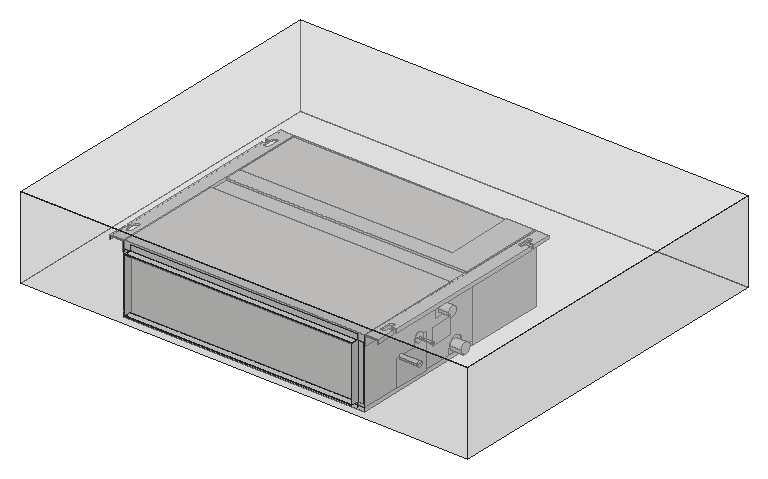
Revit family "outputfile", category 機械設備, Revit 2024
Family settings
  丸型コネクタ寸法 = 半径を使用
  パーツ タイプ = 標準
  OmniClass 番号 = 23.75.10.24.21.27.27
  OmniClass タイトル = Split System Air Conditioning Units
  作業面ベース = いいえ
  常に垂直 = はい
  ロード時にボイドで切り取り = いいえ
  注釈の向きを維持 = いいえ
  共有 = いいえ
  部屋計算ポイント = はい
Parameters (values of type "FXDQ20PDV2S")
  Description = ""
  製造元 = "Daikin"
  書き出し IFC クラス(タイプ) = "IfcUnitaryEquipmentType"
  定義済み IFC タイプ(タイプ) = "AIRCONDITIONINGUNIT"
  Cost = 0
  モデル = "FXDQ20PDV2S"
  Type Comments = ""
  Keynote = ""
  Type Image = (empty or 0)
  Assembly Code = ""
  w_pipe = 33.0 mm
  r_Liquid Pipe Size = Liquid Pipe Size / 2  # 3.2 mm
  r_Gas Pipe Size = Gas Pipe Size / 2  # 6.35 mm
  r_Drain Pipe Size = Drain Pipe Size / 2  # 10.0 mm
  lw_powersupply = 304.0 mm
  lh_suctionflange [instance] = if(Rear Connection_Return Air, 100.0 mm + [h***], 190.0 mm + [h***])  # 100.0 mm
  ld_suctionflange [instance] = if(Rear Connection_Return Air, 190.0 mm, 100.0 mm)  # 190.0 mm
  ld_powersupply = 60.0 mm
  angle_vertical_RA [instance] = if(Rear Connection_Return Air, 90.00°, 0.00°)  # 90.00°
  angle horizontal_RA [instance] = if(Rear Connection_Return Air, 180.00°, 270.00°)  # 180.00°
  Voltage_comment_50Hz = "220-240"
  Voltage_50Hz = 220 V
  URL = ""
  Supply Air Direction [instance] = yes
  Sound Power Level_H speed (dB) = 54
  Rear Connection_Return Air [instance] = not(Bottom Connection_Return Air)  # yes
  RA_length = 190.0 mm  # constant formula
  Phase_50Hz = 1
  Minimum External Static Pressure = 10.00 Pa
  Minimum Circuit Amps_50Hz = 0.8 A
  Maximum Fuse Amps_50Hz = 16.0 A
  Maximum External Static Pressure = 30.00 Pa
  Material_Casing = DAIKIN_GalvanizedSteel_Casing_indoorunit
  lw_liquidpipe = 46.0 mm  # constant formula
  lw_gaspipe = 57.0 mm  # constant formula
  lw_mountinghole_pitch = 740.0 mm  # constant formula
  lw_mountinghole = 20.0 mm  # constant formula
  lw_drainpipe = 33.0 mm  # constant formula
  lh_powersupply = 10.0 mm
  lh_liquidpipe = 110.0 mm
  lh_gaspipe = 87.0 mm
  lh_mountinghole = Height + [h***]  # 200.0 mm
  lh_drainpipe = 150.0 mm
  lh_dischargeflange = 99.0 mm
  lh_antena = 1.0 mm  # constant formula
  ld_liquidpipe = 193.0 mm  # constant formula
  ld_gaspipe = 130.0 mm  # constant formula
  ld_mountinghole_pitch = 500.0 mm  # constant formula
  ld_drainpipe = 280.0 mm
  ld_controlbox = 626.0 mm  # constant formula
  h*** = 0.0 mm  # constant formula
  d_dischargeflange = 21.2 mm  # constant formula
  Width = 700.0 mm
  Version = "ver.1.0"
  Unit Type = "Slim Duct (Standard) Type"
  Unit Mass Weight = 23.00 kg
  Unit Designation [instance] = ""
  Uniclass2015Version = "Products v1.30"
  Uniclass2015Title = "Variable refrigerant flow units"
  Uniclass2015Code = "Pr_70_65_03_94"
  Total Heating Capacity [instance] = 0.000 kW
  Total Cooling Capacity [instance] = 0.000 kW
  Sound Pressure Level_M speed (dBA) = 0
  Sound Pressure Level_L speed (dBA) = 23
  Sound Pressure Level_H speed (dBA) = 28
  Series = "VRV Fan Coil Unit"
  Sensible Cooling Capacity [instance] = 0.000 kW
  SA Duct Size Width = 660.0 mm
  SA Duct Size Height = 160.0 mm
  Refrigerant Type = "R410A"
  RA Duct Size Width = 600.0 mm
  RA Duct Size Height = 180.0 mm
  Power Input (Heating) = 0.067 kW
  Power Input (Cooling) = 0.086 kW
  Option Accessory 3 [instance] = ""
  Option Accessory 2 [instance] = ""
  Option Accessory 1 [instance] = ""
  Nominal Heating Capacity = 2.500 kW
  Nominal Cooling Capacity = 2.200 kW
  Minimum Airflow = 384.00 m³/h
  Median Airflow = 432.00 m³/h
  Maximum Airflow = 480.00 m³/h
  Load Classification = HVAC
  Liquid Pipe Size = 6.4 mm
  Link_Nested Family [instance] = ""
  IfcVersion = "0"
  IfcExportType = "AIRCONDITIONINGUNIT"
  IfcExportAs = "IfcUnitaryEquipmentType"
  Height = 200.0 mm
  Heating Entering Wet Bulb Temperature [instance] = 0.00 °C
  Heating Entering Dry Bulb Temperature [instance] = 0.00 °C
  Heating Ambient Wet Bulb Temperature [instance] = 0.00 °C
  Heating Ambient Dry Bulb Temperature [instance] = 0.00 °C
  Heat Exchanger Type = "Cross Fin Coil"
  Gas Pipe Size = 12.7 mm
  Frequency_50Hz = 50 Hz
  Fan Type = "Sirocco Fan"
  Fan Drive = "Direct Drive"
  FCU Tag No. [instance] = ""
  Drain Pipe Size = 20.0 mm
  Design Supply Airflow [instance] = 0.00 m³/h
  Design Return Airflow [instance] = 0.00 m³/h
  Design External Static Pressure [instance] = 0.00 Pa
  Depth = 620.0 mm
  既定の高さ = 0.0 mm
  Cooling Entering Wet Bulb Temperature [instance] = 0.00 °C
  Cooling Entering Dry Bulb Temperature [instance] = 0.00 °C
  Cooling Ambient Wet Bulb Temperature [instance] = 0.00 °C
  Cooling Ambient Dry Bulb Temperature [instance] = 0.00 °C
  Clearance visibility [instance] = yes
  Clearance Top = 20.0 mm
  Clearance Right = 300.0 mm
  Clearance Rear = 400.0 mm
  Clearance Left = 300.0 mm
  Clearance Front = 0.0 mm
  Clearance Bottom = 20.0 mm
  Bottom Connection_Return Air [instance] = no
Reference planes
  plane 1 "Center (Front/Back)": y = 0
  plane 2: z = 0
  plane 3 "Center (Left/Right)": x = 0
  plane 4 "Back": y = 310
  plane 5 "Front": y = -310
  plane 6 "Left": x = -350
  plane 7 "Right": x = 350
  plane 8 "Top": z = 0
  plane 9 "Bottom": z = -200
  plane 10: x = 330
  plane 11: x = -330
  plane 12: z = -190
  plane 13: z = -6
  plane 14: z = -22
  plane 15: z = -90
  plane 16: z = -113
  plane 17: x = -304
  plane 18: x = 304
  plane 19: x = -370
  plane 20: x = 370
  plane 21: y = -250
  plane 22: y = 250
  plane 23: x = -390
  plane 24: x = 390
  plane 25: x = 396
  plane 26: x = 407
  plane 27: x = 383
  plane 28: z = 0
  plane 29: z = -50
  plane 30 "Clearance Left": x = -650
  plane 31 "Clearance Right": x = 650
  plane 32 "Clearance Rear": y = 710
  plane 33 "Clearance Front": y = -310
  plane 34 "Clearance Top": z = 20
  plane 35 "Clearance Bottom": z = -220
  plane 36: z = -21
  plane 37: z = -170
  plane 38: z = -96.5
  plane 39: x = -40
  plane 40: y = -180
  plane 41: y = -117
  plane 42: y = -30
  plane 43: y = 20
  plane 44: z = -97.5
  plane 45: y = -309
  plane 46: x = -349
  plane 47: z = -100
  plane 48: z = -30
  plane 49: y = 210
  plane 50: z = 301
  plane 51: z = -199
  plane 52: y = 120
  plane 53: z = -101
Forms (mm)
  Extrusion 1, solid
    sketch origin (0, 0, 0) x (1, 0, 0) y (0, 0, 1)
      loop
        line (-350, -190) -> (-350, -200) -> (350, -200) -> (350, -190) -> (-350, -190)
    from -84 to 310
  Extrusion 2, solid, material "DAIKIN_GalvanizedSteel_Casing_indoorunit" <- "Material_Casing"
    sketch origin (0, 0, 0) x (1, 0, 0) y (0, 1, 0)
      loop
        line (-350, -309) -> (350, -309) -> (350, 310) -> (-350, 310) -> (-350, -309)
    from -200 to 0
  Extrusion 3, void
    sketch origin (0, 0, 1) x (1, 0, 0) y (0, 1, 0)
      loop
        line (-350, 62.179) -> (-350, 4.179) -> (350, 4.179) -> (350, 62.179) -> (-350, 62.179)
    from -1 to -7
  Extrusion 4, void
    sketch origin (0, 0, 0) x (0, 1, 0) y (0, 0, 1)
      loop
        line (-5, -190) -> (45, -190) -> (45, -170)
        arc (45, -170) -> (20, -145) -> (-5, -170) r 25
        line (-5, -170) -> (-5, -190)
    from 350 to 345
  Revolve 5, solid, material "DAIKIN_GalvanizedSteel_Casing_indoorunit" <- "Material_Casing"
    sketch origin (0, 0, -113) x (0, -1, 0) y (1, 0, 0)
      loop
        line (173.65, 351) -> (180, 351) -> (180, 407) -> (173.65, 407) -> (173.65, 351)
      axis (180, 351) -> (180, 407)
    angle from 0 to 360
  Revolve 6, solid, material "DAIKIN_GalvanizedSteel_Casing_indoorunit" <- "Material_Casing"
    sketch origin (0, 0, -90) x (0, -1, 0) y (1, 0, 0)
      loop
        line (117, 351) -> (117, 396) -> (113.8, 396) -> (113.8, 351) -> (117, 351)
      axis (117, 396) -> (117, 351)
    angle from 0 to 360
  Extrusion 7, solid, material "DAIKIN_GalvanizedSteel_Casing_indoorunit" <- "Material_Casing"
    sketch origin (0, 0, 0) x (0, 1, 0) y (0, 0, 1)
      loop
        circle (-116, -90) r 12.7
    from 350 to 355.007
  Extrusion 8, solid, material "DAIKIN_GalvanizedSteel_Casing_indoorunit" <- "Material_Casing"
    sketch origin (0, 0, 0) x (0, 1, 0) y (0, 0, 1)
      loop
        circle (20, -170) r 15
    from 345 to 380
  Extrusion 9, solid, material "DAIKIN_GalvanizedSteel_Casing_indoorunit" <- "Material_Casing"
    sketch origin (0, 0, 0) x (0, 1, 0) y (0, 0, 1)
      loop
        line (-52, -30) -> (-52, -70) -> (-11, -70) -> (-11, -30) -> (-52, -30)
    from 350 to 351
  Extrusion 10, solid, material "DAIKIN_GalvanizedSteel_Casing_indoorunit" <- "Material_Casing"
    sketch origin (0, 0, 0) x (0, 1, 0) y (0, 0, 1)
      loop
        circle (-30, -50.064) r 13
    from 350 to 383
  Extrusion 11, solid, material "DAIKIN_GalvanizedSteel_Casing_indoorunit" <- "Material_Casing"
    sketch origin (0, 0, 0) x (0, 1, 0) y (0, 0, 1)
      loop
        line (-63.609, -90) -> (-63.609, -136) -> (0.391, -136) -> (0.391, -90) -> (-63.609, -90)
    from 350 to 351
  Extrusion 12, solid, material "DAIKIN_GalvanizedSteel_Casing_indoorunit" <- "Material_Casing"
    sketch origin (0, 0, 0) x (1, 0, 0) y (0, 0, 1)
      loop
        line (-350, -190) -> (-350, -200) -> (350, -200) -> (350, -190) -> (-350, -190)
    from -84 to 310
  Extrusion 13, solid, material "DAIKIN_GalvanizedSteel_Casing_indoorunit" <- "Material_Casing", visible <- "Bottom Connection_Return Air"
    sketch origin (0, 0, 0) x (1, 0, 0) y (0, 0, 1)
      loop
        line (269, -199) -> (269, -1) -> (-349, -1) -> (-349, -199) -> (269, -199)
    from -310 to -309
  Extrusion 14, void
    sketch origin (0, 0, 0) x (1, 0, 0) y (0, 0, 1)
      loop
        line (269, 0) -> (-349, 0) -> (-349, -1) -> (269, -1) -> (269, 0)
    from -310 to -111
  Extrusion 15, solid, material "DAIKIN_GalvanizedSteel_Casing_indoorunit" <- "Material_Casing", visible <- "Rear Connection_Return Air"
    sketch origin (0, 0, 0) x (1, 0, 0) y (0, 1, 0)
      loop
        line (-349, 309) -> (-349, 111) -> (269, 111) -> (269, 309) -> (-349, 309)
    from -200 to -199
  Extrusion 16, solid, material "DAIKIN_GalvanizedSteel_Casing_indoorunit" <- "Material_Casing"
    sketch origin (0, 0, 0) x (0, 1, 0) y (0, 0, 1)
      loop
        line (-194, -113) -> (-194, -190) -> (-88.3, -190) -> (-88.3, -90) -> (-103.3, -90)
        arc (-103.3, -90) -> (-116, -102.7) -> (-128.7, -90) r 12.7
        line (-128.7, -90) -> (-128.7, -113) -> (-173.65, -113)
        arc (-173.65, -113) -> (-180, -119.35) -> (-186.35, -113) r 6.35
        line (-186.35, -113) -> (-194, -113)
    from 351 to 350
  Extrusion 17, solid, material "DAIKIN_GalvanizedSteel_Casing_indoorunit" <- "Material_Casing"
    sketch origin (0, 0, 0) x (0, 1, 0) y (0, 0, 1)
      loop
        line (84, -199) -> (310, -199) -> (310, -22) -> (91, -22) -> (84, -29) -> (84, -199)
    from 351 to 350
Cuts and joins
  Extrusion 3, Extrusion 4, Extrusion 14 cuts Extrusion 2
  Extrusion 4 cuts Extrusion 1
  Extrusion 14 cuts Extrusion 12
Dimensions and locks
  "lh_powersupply": plane 12 to plane 9 "Bottom"
  locked: plane 8 "Top" to plane 13 at 6
  "Height": plane 8 "Top" to plane 9 "Bottom"
  equal spacing: plane 17, plane 3 "Center (Left/Right)", plane 18, locked at 304 each
  locked: plane 17 to plane 18 at 608
  equal spacing: plane 19, plane 3 "Center (Left/Right)", plane 20, locked at 370 each
  "lw_mountinghole_pitch": plane 19 to plane 20
  locked: plane 14 to plane 9 "Bottom" at 178
  "lw_mountinghole": plane 23 to plane 19
  "lh_liquidpipe": plane 15 to plane 9 "Bottom"
  "lh_gaspipe": plane 16 to plane 9 "Bottom"
  "lh_mountinghole": plane 28 to plane 9 "Bottom"
  "ld_mountinghole_pitch": plane 22 to plane 21
  equal spacing: plane 6 "Left", plane 3 "Center (Left/Right)", plane 7 "Right", locked at 350 each
  "Width": plane 6 "Left" to plane 7 "Right"
  "lh_drainpipe": plane 29 to plane 9 "Bottom"
  "Clearance Right": plane 7 "Right" to plane 31 "Clearance Right"
  "Clearance Left": plane 30 "Clearance Left" to plane 6 "Left"
  "lw_gaspipe": plane 7 "Right" to plane 26
  "lw_liquidpipe": plane 7 "Right" to plane 25
  "lw_drainpipe": plane 7 "Right" to plane 27
  "Clearance Rear": plane 32 "Clearance Rear" to plane 4 "Back"
  "Clearance Front": plane 5 "Front" to plane 33 "Clearance Front"
  "Clearance Top": plane 34 "Clearance Top" to plane 8 "Top"
  "Clearance Bottom": plane 9 "Bottom" to plane 35 "Clearance Bottom"
  "ld_powersupply": plane 4 "Back" to plane 22
  "lw_powersupply": plane 3 "Center (Left/Right)" to plane 18
  locked: plane 8 "Top" to plane 36 at 21
  locked: plane 8 "Top" to plane 37 at 170
  locked: plane 40 to plane 41 at 63
  locked: plane 38 to plane 9 "Bottom" at 103.5
  locked: plane 36 to plane 44 at 76.5
  "Depth": plane 4 "Back" to plane 5 "Front"
  equal spacing: plane 4 "Back", plane 1 "Center (Front/Back)", plane 5 "Front"
  locked: plane 45 to plane 5 "Front" at 1
  locked: plane 46 to plane 6 "Left" at 1
  Extrusion 13 sketch curve to Extrusion 13 sketch curve = 198.0 mm
  locked: nested 13 to plane 39 at 300
  locked: plane 12 to plane 47 at 90
  plane 32 "Clearance Rear" to Extrusion 13 = 401.0 mm
  locked: plane 48 to plane 35 "Clearance Bottom" at 190
  locked: plane 49 to nested 14 at 90
  plane 50 to plane 28 = 301.0 mm
  locked: plane 51 to plane 9 "Bottom" at 1
  "ld_suctionflange": plane 4 "Back" to plane 52
  locked: plane 53 to plane 9 "Bottom" at 99
  aligned and locked: level to plane 2
  aligned and locked: Extrusion 2 to plane 9 "Bottom"
  aligned and locked: plane 8 "Top" to Extrusion 2
  aligned and locked: Revolve 5 sketch curve to Revolve 5 sketch curve
  aligned and locked: plane 15 to Extrusion 7 sketch curve
  aligned and locked: cut or joined group of Extrusion 1, Extrusion 4 to plane 9 "Bottom"
  aligned and locked: plane 24 to nested 1
  aligned and locked: nested 1 to plane 23
  aligned and locked: plane 27 to Extrusion 10
  aligned and locked: plane 25 to nested 6
  aligned and locked: nested 6 to plane 15
  aligned and locked: nested 2 to plane 22
  aligned and locked: plane 20 to nested 2
  aligned and locked: plane 20 to nested 3
  aligned and locked: plane 19 to nested 4
  aligned and locked: plane 22 to nested 5
  aligned and locked: nested 5 to plane 22
  aligned and locked: plane 19 to nested 5
  aligned and locked: nested 8 to plane 29
  aligned and locked: Extrusion 10 to nested 8
  aligned and locked: plane 27 to nested 8
  aligned and locked: plane 22 to nested 12
  aligned and locked: plane 18 to nested 12  (x2)
  aligned and locked: nested 12 to plane 18
  aligned and locked: plane 4 "Back" to nested 12
  aligned and locked: cut or joined group of Extrusion 2, Extrusion 3, Extrusion 4, Extrusion 14 to nested 12
  aligned and locked: nested 12 to plane 12
  aligned and locked: plane 8 "Top" to nested 1
  aligned and locked: Extrusion 12 to plane 5 "Front"
  aligned and locked: Extrusion 12 to plane 9 "Bottom"
  aligned and locked: nested 7 to plane 16
  aligned and locked: plane 4 "Back" to nested 1
  aligned and locked: nested 9 to plane 45
  aligned and locked: plane 40 to nested 7
  aligned and locked: plane 41 to nested 6
  aligned and locked: plane 42 to nested 8
  aligned and locked: Extrusion 8 sketch curve to plane 43
  aligned and locked: nested 13 to plane 46
  aligned and locked: plane 4 "Back" to Extrusion 14
  aligned and locked: nested 14 to Extrusion 15
  aligned and locked: nested 15 to plane 49
  aligned and locked: plane 8 "Top" to Extrusion 3
  aligned and locked: Extrusion 13 to cut or joined group of Extrusion 2, Extrusion 3, Extrusion 4, Extrusion 14
  aligned and locked: Extrusion 13 to nested 13
  aligned and locked: plane 9 "Bottom" to Extrusion 15  (x2)
  aligned and locked: plane 9 "Bottom" to nested 15
  aligned and locked: Extrusion 15 to plane 51
  aligned and locked: plane 4 "Back" to nested 13
  aligned and locked: Extrusion 14 to level
  aligned and locked: plane 32 "Clearance Rear" to nested 16
  aligned and locked: plane 31 "Clearance Right" to nested 16
  aligned and locked: plane 30 "Clearance Left" to nested 16
  aligned and locked: nested 16 to plane 33 "Clearance Front"
  aligned and locked: nested 16 to plane 34 "Clearance Top"
  aligned and locked: nested 16 to plane 35 "Clearance Bottom"
  aligned and locked: plane 7 "Right" to Extrusion 16
  aligned and locked: plane 4 "Back" to Extrusion 17
  aligned and locked: Extrusion 17 to plane 51
  aligned and locked: plane 7 "Right" to Extrusion 17
  aligned and locked: Extrusion 16 to Revolve 5 sketch curve
  aligned and locked: Extrusion 3 to plane 13
  aligned and locked: plane 52 to nested 17
  aligned and locked: plane 53 to nested 9
  aligned and locked: Extrusion 14 to nested 14
  aligned and locked: nested 11 to plane 36
  aligned and locked: level to plane 8 "Top"
Automatic sketch dimensions
  Extrusion 1 sketch curve to plane 6 "Left" = 0.0 mm
  Extrusion 1 sketch curve to plane 7 "Right" = 0.0 mm
  Extrusion 1 sketch curve to plane 9 "Bottom" = 0.0 mm
  Extrusion 1 sketch curve to plane 12 = 0.0 mm
  Extrusion 2 sketch curve to plane 4 "Back" = 0.0 mm
  Extrusion 2 sketch curve to plane 6 "Left" = 0.0 mm
  Extrusion 2 sketch curve to plane 7 "Right" = 0.0 mm
  Extrusion 2 sketch curve to plane 45 = 0.0 mm
  Extrusion 3 sketch curve to plane 6 "Left" = 0.0 mm
  Extrusion 3 sketch curve to plane 7 "Right" = 0.0 mm
  Extrusion 3 sketch curve to plane 1 "Center (Front/Back)" = 4.179 mm
  plane 43 to Extrusion 3 sketch curve = 42.179 mm
  Extrusion 4 sketch curve to plane 37 = 0.0 mm
  Extrusion 4 sketch curve to plane 12 = 0.0 mm
  Extrusion 4 sketch curve to plane 43 = 0.0 mm
  plane 1 "Center (Front/Back)" to Extrusion 4 sketch curve = 5.0 mm
  Revolve 6 sketch curve to plane 25 = 0.0 mm  (x2)
  Revolve 6 sketch curve to plane 41 = 0.0 mm  (x2)
  plane 41 to Revolve 6 sketch curve = 3.2 mm
  plane 7 "Right" to Revolve 6 sketch curve = 1.0 mm
  Revolve 6 sketch curve to Revolve 6 sketch curve = 0.0 mm
  plane 41 to Extrusion 7 sketch curve = 1.0 mm
  Extrusion 8 sketch curve to plane 37 = 0.0 mm
  Extrusion 9 sketch curve to plane 42 = 22.0 mm
  plane 1 "Center (Front/Back)" to Extrusion 9 sketch curve = 11.0 mm
  plane 15 to Extrusion 9 sketch curve = 20.0 mm
  Extrusion 9 sketch curve to plane 14 = 8.0 mm
  Extrusion 10 sketch curve to plane 42 = 0.0 mm
  Extrusion 10 sketch curve to plane 29 = 0.064 mm
  plane 15 to Extrusion 11 sketch curve = 0.0 mm
  Extrusion 11 sketch curve to plane 42 = 33.609 mm
  Extrusion 11 sketch curve to plane 1 "Center (Front/Back)" = 0.391 mm
  Extrusion 11 sketch curve to plane 16 = 23.0 mm
  Extrusion 12 sketch curve to plane 6 "Left" = 0.0 mm
  Extrusion 12 sketch curve to plane 7 "Right" = 0.0 mm
  Extrusion 12 sketch curve to plane 9 "Bottom" = 0.0 mm
  Extrusion 12 sketch curve to plane 12 = 0.0 mm
  plane 46 to Extrusion 13 sketch curve = 0.0 mm
  Extrusion 13 sketch curve to plane 18 = 35.0 mm
  plane 46 to Extrusion 14 sketch curve = 0.0 mm
  Extrusion 14 sketch curve to plane 18 = 35.0 mm
  Extrusion 14 sketch curve to plane 8 "Top" = 1.0 mm
  Extrusion 15 sketch curve to plane 46 = 0.0 mm
  Extrusion 15 sketch curve to plane 4 "Back" = 1.0 mm
  Extrusion 15 sketch curve to plane 18 = 35.0 mm
  plane 43 to Extrusion 15 sketch curve = 91.0 mm
  plane 35 "Clearance Bottom" to Extrusion 14 sketch curve = 220.0 mm
  Extrusion 13 sketch curve to plane 51 = 0.0 mm
  Extrusion 16 sketch curve to plane 12 = 0.0 mm
  Extrusion 16 sketch curve to plane 16 = 0.0 mm
  Extrusion 16 sketch curve to plane 40 = 0.0 mm
  Extrusion 16 sketch curve to plane 15 = 0.0 mm
  Extrusion 16 sketch curve to Extrusion 16 sketch curve = 6.35 mm
  Extrusion 16 sketch curve to Extrusion 16 sketch curve = 7.65 mm
  Extrusion 16 sketch curve to plane 41 = 11.7 mm
  plane 41 to Extrusion 16 sketch curve = 1.0 mm
  Extrusion 16 sketch curve to Extrusion 16 sketch curve = 27.7 mm
  Extrusion 17 sketch curve to plane 51 = 0.0 mm
  Extrusion 17 sketch curve to plane 14 = 0.0 mm
  plane 48 to Extrusion 17 sketch curve = 1.0 mm
  plane 43 to Extrusion 17 sketch curve = 64.0 mm
  Extrusion 17 sketch curve to Extrusion 17 sketch curve = 7.0 mm
  Extrusion 17 sketch curve to plane 4 "Back" = 0.0 mm
  Revolve 5 sketch curve to plane 26 = 0.0 mm
  Revolve 5 sketch curve to plane 40 = 0.0 mm
  plane 40 to Revolve 5 sketch curve = 6.35 mm
  Revolve 5 sketch curve to Revolve 5 sketch curve = 1.003 mm  (x2)
  radius of Extrusion 7 sketch curve = 12.7 mm
  radius of Extrusion 8 sketch curve = 15.0 mm
  radius of Extrusion 10 sketch curve = 13.0 mm
Nested families
  nested 1: "daikin_hangerfixture_FXDQ-PDV2S" at (0, 0.5, 0), type "daikin_hangerfixture_FXDQ-PDV2S"
  nested 2: "daikin_mountinghole" at (370, 250, -200), l_antenna <- "lh_antena", Link_Nested Family <- "Link_Nested Family", h_mountinghole <- "lh_mountinghole", type "daikin_mountinghole"
    with show yes, l_antenna 1.0 mm, h_mountinghole 200.0 mm, Link_Nested Family ""
  nested 3: "daikin_mountinghole" at (370, -250, -200), Link_Nested Family <- "Link_Nested Family", l_antenna <- "lh_antena", h_mountinghole <- "lh_mountinghole", type "daikin_mountinghole"
    with show yes, l_antenna 1.0 mm, h_mountinghole 200.0 mm, Link_Nested Family ""
  nested 4: "daikin_mountinghole" at (-370, -250, -200), l_antenna <- "lh_antena", Link_Nested Family <- "Link_Nested Family", h_mountinghole <- "lh_mountinghole", type "daikin_mountinghole"
    with show yes, l_antenna 1.0 mm, h_mountinghole 200.0 mm, Link_Nested Family ""
  nested 5: "daikin_mountinghole" at (-370, 250, -200), l_antenna <- "lh_antena", Link_Nested Family <- "Link_Nested Family", h_mountinghole <- "lh_mountinghole", type "daikin_mountinghole"
    with show yes, l_antenna 1.0 mm, h_mountinghole 200.0 mm, Link_Nested Family ""
  nested 6: "daikin_connector_rotate2" at (350, -117, -90) x (0, 1, 0) z (0, 0, 1), length <- "lw_liquidpipe", built-in parameter 1001364 <- "lh_liquidpipe", radius <- "r_Liquid Pipe Size", type "daikin_connector_rotate2"
    with radius 3.2 mm, length 46.0 mm, angle_vertical 90.00°, show_face no
  nested 7: "daikin_connector_rotate2" at (350, -180, -113) x (0, 1, 0) z (0, 0, 1), length <- "lw_gaspipe", built-in parameter 1001364 <- "lh_gaspipe", radius <- "r_Gas Pipe Size", type "daikin_connector_rotate2"
    with radius 6.35 mm, length 57.0 mm, angle_vertical 90.00°, show_face no
  nested 8: "daikin_connector_rotate2" at (350, -30, -50) x (0, 1, 0) z (0, 0, 1), built-in parameter 1001364 <- "lh_drainpipe", length <- "lw_drainpipe", radius <- "r_Drain Pipe Size", type "daikin_connector_rotate2"
    with radius 10.0 mm, length 33.0 mm, angle_vertical 90.00°, show_face no
  nested 9: "daikin_connector_rotate2" at (0, -309, -101), length <- "d_dischargeflange", built-in parameter 1001364 <- "lh_dischargeflange", type "daikin_connector_rotate2"
    with radius 10.0 mm, length 21.2 mm, angle_vertical 90.00°, show_face no
  nested 10: "daikin_△_symbolicline" at (-76.446, -102.452, 200) x (-0.5, 0.866, 0) z (0, 0, 1), built-in parameter 1001364 <- "Height", visible <- "Supply Air Direction", type "daikin_△_symbolicline"
    with length 300.0 mm
  nested 11: "daikin_ductflange_FXDQ-PDV2S" at (0, 4.5, -371.201), material <- "Material_Casing", type "daikin_ductflange_FXDQ-PDV2S"
    with width 660.0 mm, material DAIKIN_GalvanizedSteel_Casing_indoorunit, height 162.0 mm, depth 21.2 mm
  nested 12: "daikin_connector_rotate2" at (304, 250, -190) x (-1, 0, 0) z (0, 0, 1), built-in parameter 1001364 <- "lh_powersupply", length <- "ld_powersupply", type "daikin_connector_rotate2"
    with radius 10.0 mm, length 60.0 mm, angle_vertical 90.00°, show_face no
  nested 13: "daikin_ductflange_FXDQ-PDV2S2" at (-40, 310, -100), visible <- "Rear Connection_Return Air", material <- "Material_Casing", type "daikin_ductflange_FXDQ-PDV2S2"
    with width 620.0 mm, material DAIKIN_GalvanizedSteel_Casing_indoorunit, height 180.0 mm, depth 21.2 mm
  nested 14: "daikin_ductflange_FXDQ-PDV2S2" at (-40, 210, -200) x (1, 0, 0) z (0, 1, 0), visible <- "Bottom Connection_Return Air", material <- "Material_Casing", type "daikin_ductflange_FXDQ-PDV2S2"
    with width 620.0 mm, material DAIKIN_GalvanizedSteel_Casing_indoorunit, height 180.0 mm, depth 21.2 mm
  nested 15: "daikin_connector_rotate2" at (-40, 210, -178.8) x (1, 0, 0) z (0, 1, 0), length <- "d_dischargeflange", built-in parameter 1001364 <- "lh_dischargeflange", type "daikin_connector_rotate2"
    with radius 10.0 mm, length 21.2 mm, angle_vertical 90.00°, show_face no
  nested 16: "daikin_clearancespace" at (0, 200, -99.881), visible <- "Clearance visibility", show <- "Clearance visibility", Link_Nested Family <- "Link_Nested Family", type "daikin_clearancespace"
    with width 1300.0 mm, show yes, height 240.0 mm, depth 1020.0 mm, Link_Nested Family ""
  nested 17: "daikin_connector_rotate3" at (-40, 120, -100), built-in parameter 1001364 <- "lh_suctionflange", angle_vertical <- "angle_vertical_RA", angle_horizontal <- "angle horizontal_RA", length <- "RA_length", type "daikin_connector_rotate3"
    with show no, radius 10.0 mm, length 190.0 mm, angle_vertical 90.00°, angle_horizontal 180.00°
Connectors
  piping at (407, -180, -113), diameter 12.7, driven by "r_Gas Pipe Size"
    settings: on nested 7, index 1, connector inside diameter 609.6 mm, connector length 0.0 mm, flow factor 0, pipe flow 0.00 m³/h, pressure drop 0.0 Pa, fitting loss kfactor 0, connector angle 0.00°, fixture units 0, engagement length 0.0 mm, angle of deflection 0.00°, flow configuration 1, flow direction 2, fitting loss method 0, system type 29, joint type 0, gender type 0, connector reference index -1, connector utility 0, adjustable connector no, is connector primary yes, connector description "Refrigerant Gas Piping"
  piping at (396, -117, -90), diameter 6.4, driven by "r_Liquid Pipe Size"
    settings: on nested 6, index 2, connector inside diameter 609.6 mm, connector length 0.0 mm, flow factor 0, pipe flow 0.00 m³/h, pressure drop 0.0 Pa, fitting loss kfactor 0, connector angle 0.00°, fixture units 0, engagement length 0.0 mm, angle of deflection 0.00°, flow configuration 1, flow direction 1, fitting loss method 0, system type 29, joint type 0, gender type 0, connector reference index -1, connector utility 0, adjustable connector no, is connector primary no, connector description "Refrigerant Liquid Piping"
  piping at (383, -30, -50), diameter 20, driven by "r_Drain Pipe Size"
    settings: on nested 8, index 3, connector inside diameter 609.6 mm, connector length 0.0 mm, flow factor 0, pipe flow 0.00 m³/h, pressure drop 0.0 Pa, fitting loss kfactor 0, connector angle 0.00°, fixture units 0, engagement length 0.0 mm, angle of deflection 0.00°, flow configuration 1, flow direction 2, fitting loss method 4, system type 16, joint type 0, gender type 0, connector reference index -1, connector utility 0, adjustable connector no, is connector primary no, connector description "Condensate Drain Piping"
  hvac at (0, -330.2, -101), driven by "SA Duct Size Height", driven by "SA Duct Size Width"
    settings: on nested 9, index 7, duct flow 0.00 m³/h, flow factor 0, pres drop 0.00 Pa, loss coef 0, conn angle 0.00°, conn width 660.0 mm, conn height 160.0 mm, conn diameter 609.6 mm, duct sys type 1, conn prof type 1, flow config 0, flow direction 2, loss method 4, conn ref index -1, conn util no, is conn primary yes, conn desc "SA Duct"
  electrical at (304, 310, -190), driven by "Load Classification"
    settings: on nested 12, index 9, voltage 0 V, apparent load 0 VA, apparent load phase1 0 VA, apparent load phase2 0 VA, apparent load phase3 0 VA, power factor 1, load classification "HVAC", number of poles 1, system type 30, power factor state 1, is connector primary yes, connector utility no, sub classification motor no, connector description "Power Supply"
  hvac at (-40, 310, -100), driven by "RA Duct Size Height", driven by "RA Duct Size Width"
    settings: on nested 17, index 10, duct flow 0.00 m³/h, flow factor 0, pres drop 0.00 Pa, loss coef 0, conn angle 0.00°, conn width 600.0 mm, conn height 180.0 mm, conn diameter 609.6 mm, duct sys type 2, conn prof type 1, flow config 0, flow direction 1, loss method 4, conn ref index -1, conn util no, is conn primary no, conn desc "RA Duct"
Definition of nested family "daikin_hangerfixture_FXDQ-PDV2S"
  Parameters (values of type "daikin_hangerfixture_FXDQ-PDVE")
    width = 48.0 mm
    material = none
    height = 65.0 mm
    depth = 619.0 mm
    Default Elevation = 0.0 mm
  Reference planes
    plane 1 "Center (Front/Back)": y = 0
    plane 2: z = 0
    plane 3 "Center (Left/Right)": x = 0
    plane 4: x = 350
    plane 5: y = 309.5
    plane 6: y = -309.5
  Forms (mm)
    Extrusion 1, solid, material <- "material"
      sketch origin (0, 0, 0) x (1, 0, 0) y (0, 0, 1)
        loop
          line (350, 0) -> (350, -30) -> (352.3, -30) -> (352.3, -2.3) -> (387.7, -2.3) -> (387.7, -10) -> (390, -10) -> (390, 0) -> (350, 0)
      from -309.5 to 309.5
    Extrusion 2, void
      sketch origin (0, 0, 0) x (0, 1, 0) y (0, 0, 1)
        loop
          line (309.5, -30) -> (309.5, -17.979) -> (87.935, -17.979) -> (75.914, -30) -> (309.5, -30)
      from 0 to 618
    Extrusion 3, void
      sketch origin (0, 0, 0) x (1, 0, 0) y (0, 1, 0)
        loop
          line (390, -244) -> (377, -244) -> (377, -237.5)
          arc (377, -237.5) -> (370, -230.5) -> (363, -237.5) r 7
          line (363, -237.5) -> (363, -263.5)
          arc (363, -263.5) -> (370, -270.5) -> (377, -263.5) r 7
          line (377, -263.5) -> (377, -257) -> (390, -257) -> (390, -244)
        loop
          line (390, 243) -> (390, 256) -> (377, 256) -> (377, 262.5)
          arc (377, 262.5) -> (370, 269.5) -> (363, 262.5) r 7
          line (363, 262.5) -> (363, 236.5)
          arc (363, 236.5) -> (370, 229.5) -> (377, 236.5) r 7
          line (377, 236.5) -> (377, 243) -> (390, 243)
      from -254.96 to 618
    Extrusion 4, solid, material <- "material"
      sketch origin (0, 0, 0) x (-1, 0, 0) y (0, 0, -1)
        loop
          line (350, 0) -> (390, 0) -> (390, 10) -> (387.7, 10) -> (387.7, 2.3) -> (352.3, 2.3) -> (352.3, 30) -> (350, 30) -> (350, 0)
      from -309.5 to 309.5
    Extrusion 5, void
      sketch origin (0, 0, 0) x (-1, 0, 0) y (0, -1, 0)
        loop
          line (390, 244) -> (390, 257) -> (377, 257) -> (377, 263.5)
          arc (377, 263.5) -> (370, 270.5) -> (363, 263.5) r 7
          line (363, 263.5) -> (363, 237.5)
          arc (363, 237.5) -> (370, 230.5) -> (377, 237.5) r 7
          line (377, 237.5) -> (377, 244) -> (390, 244)
        loop
          line (390, -243) -> (377, -243) -> (377, -236.5)
          arc (377, -236.5) -> (370, -229.5) -> (363, -236.5) r 7
          line (363, -236.5) -> (363, -262.5)
          arc (363, -262.5) -> (370, -269.5) -> (377, -262.5) r 7
          line (377, -262.5) -> (377, -256) -> (390, -256) -> (390, -243)
      from -254.96 to 618
  Cuts and joins
    Extrusion 2, Extrusion 3, Extrusion 5 cuts Extrusion 1
    Extrusion 5 cuts Extrusion 4
  Dimensions and locks
    locked: plane 4 to plane 3 "Center (Left/Right)" at 350
    equal spacing: plane 5, plane 1 "Center (Front/Back)", plane 6
    "depth": plane 5 to plane 6
    locked: plane 3 "Center (Left/Right)" to plane 4 at 350
    plane 6 to plane 1 "Center (Front/Back)" to plane 5 = 309.5 mm, 309.5 mm
    aligned and locked: level to plane 2
    aligned and locked: plane 5 to Extrusion 1
    aligned and locked: Extrusion 1 to plane 6
    aligned and locked: Extrusion 1 to plane 4
    aligned and locked: plane 5 to cut or joined group of Extrusion 1, Extrusion 2, Extrusion 3, Extrusion 5
    aligned and locked: cut or joined group of Extrusion 1, Extrusion 2, Extrusion 3, Extrusion 5 to plane 6
    aligned and locked: level to cut or joined group of Extrusion 1, Extrusion 2, Extrusion 3, Extrusion 5
    aligned and locked: plane 5 to cut or joined group of Extrusion 4, Extrusion 5
    aligned and locked: cut or joined group of Extrusion 4, Extrusion 5 to plane 6
  Automatic sketch dimensions
    Extrusion 1 sketch curve to plane 4 = 0.0 mm
    Extrusion 1 sketch curve to level = 0.0 mm
    plane 4 to Extrusion 1 sketch curve = 2.3 mm
    Extrusion 1 sketch curve to level = 2.3 mm
    Extrusion 1 sketch curve to Extrusion 1 sketch curve = 35.4 mm
    Extrusion 1 sketch curve to Extrusion 1 sketch curve = 2.3 mm
    Extrusion 1 sketch curve to Extrusion 1 sketch curve = 7.7 mm
    Extrusion 1 sketch curve to Extrusion 1 sketch curve = 27.7 mm
    Extrusion 2 sketch curve to plane 5 = 0.0 mm
    Extrusion 2 sketch curve to level = 17.979 mm
    Extrusion 2 sketch curve to plane 1 "Center (Front/Back)" = 87.935 mm
    Extrusion 2 sketch curve to level = 30.0 mm
    Extrusion 2 sketch curve to Extrusion 2 sketch curve = 12.021 mm
    plane 4 to Extrusion 3 sketch curve = 13.0 mm  (x2)
    Extrusion 3 sketch curve to Extrusion 3 sketch curve = 7.0 mm  (x4)
    Extrusion 3 sketch curve to Extrusion 3 sketch curve = 13.0 mm  (x4)
    plane 6 to Extrusion 3 sketch curve = 46.0 mm
    Extrusion 3 sketch curve to Extrusion 3 sketch curve = 6.5 mm  (x4)
    Extrusion 3 sketch curve to plane 5 = 73.0 mm
    Extrusion 4 sketch curve to level = 0.0 mm
    Extrusion 4 sketch curve to level = 30.0 mm
    Extrusion 4 sketch curve to plane 3 "Center (Left/Right)" = 350.0 mm
    Extrusion 4 sketch curve to Extrusion 4 sketch curve = 2.3 mm  (x2)
    Extrusion 4 sketch curve to level = 2.3 mm
    Extrusion 4 sketch curve to Extrusion 4 sketch curve = 35.4 mm
    Extrusion 4 sketch curve to Extrusion 4 sketch curve = 7.7 mm
    Extrusion 5 sketch curve to plane 5 = 73.0 mm
    Extrusion 5 sketch curve to plane 3 "Center (Left/Right)" = 363.0 mm  (x2)
    plane 6 to Extrusion 5 sketch curve = 72.0 mm
    Extrusion 5 sketch curve to Extrusion 5 sketch curve = 7.0 mm  (x4)
    Extrusion 5 sketch curve to Extrusion 5 sketch curve = 13.0 mm  (x4)
    Extrusion 5 sketch curve to Extrusion 5 sketch curve = 6.5 mm  (x4)
Definition of nested family "daikin_ductflange_FXDQ-PDV2S"
  Parameters (values of type "daikin_ductflange_FXDQ-PDVE")
    width [instance] = 660.0 mm
    material [instance] = none
    height [instance] = 162.0 mm
    depth [instance] = 21.2 mm
    Default Elevation = 0.0 mm
  Reference planes
    plane 1 "Center (Front/Back)": y = 0
    plane 2: z = 189.201
    plane 3 "Center (Left/Right)": x = 0
    plane 4: y = -313.5
    plane 5: x = -330
    plane 6: x = 330
    plane 7: y = -334.7
    plane 8: z = 351.201
    plane 9: z = 270.201
    plane 10: z = 350.201
    plane 11: z = 190.201
  Forms (mm)
    Extrusion 1, solid, material <- "material"
      sketch origin (0, 0, 189.201) x (1, 0, 0) y (0, 1, 0)
        loop
          line (-330, -334.7) -> (-330, -313.5) -> (-348, -313.5) -> (-348, -314.5) -> (-331, -314.5) -> (-331, -334.7) -> (-330, -334.7)
        loop
          line (330, -334.7) -> (331, -334.7) -> (331, -314.5) -> (348, -314.5) -> (348, -313.5) -> (330, -313.5) -> (330, -334.7)
      from 1 to 161
    Extrusion 2, solid, material <- "material"
      sketch origin (0, 0, 0) x (0, 1, 0) y (0, 0, 1)
        loop
          line (-313.5, 350.201) -> (-313.5, 365.201) -> (-314.5, 365.201) -> (-314.5, 351.201) -> (-334.7, 351.201) -> (-334.7, 350.201) -> (-313.5, 350.201)
        loop
          line (-313.5, 190.201) -> (-334.7, 190.201) -> (-334.7, 189.201) -> (-314.5, 189.201) -> (-314.5, 175.201) -> (-313.5, 175.201) -> (-313.5, 190.201)
      from -330 to 330
  Dimensions and locks
    plane 4 to plane 1 "Center (Front/Back)" = 313.5 mm
    "depth": plane 7 to plane 4
    equal spacing: plane 8, plane 9, level, locked at 81 each
    "height": plane 8 to level
    equal spacing: plane 6, plane 3 "Center (Left/Right)", plane 5, locked at 330 each
    "width": plane 6 to plane 5
    plane 5 to plane 6 = 660.0 mm
    locked: Extrusion 1 sketch curve to Extrusion 1 sketch curve at 660
    locked: plane 8 to plane 10 at 1
    locked: plane 11 to level at 1
    locked: Extrusion 1 to Extrusion 2 sketch curve at 1
    locked: Extrusion 2 sketch curve to Extrusion 1 at 1
    locked: Extrusion 1 sketch curve to Extrusion 1 sketch curve at 1  (x2)
    aligned and locked: level to plane 2
    aligned and locked: plane 4 to Extrusion 1  (x2)
    aligned and locked: plane 5 to Extrusion 1
    aligned and locked: Extrusion 1 to plane 7  (x2)
    aligned and locked: Extrusion 1 to plane 6
    aligned and locked: Extrusion 1 to plane 10
    aligned and locked: Extrusion 1 to plane 11
    aligned and locked: plane 10 to Extrusion 1
    aligned and locked: plane 11 to Extrusion 1
    aligned and locked: Extrusion 2 to plane 5
    aligned and locked: plane 5 to Extrusion 2
    aligned and locked: plane 6 to Extrusion 2
    aligned and locked: Extrusion 2 to plane 6
    aligned and locked: Extrusion 2 to plane 11
    aligned and locked: Extrusion 2 to plane 10
  Automatic sketch dimensions
    Extrusion 1 sketch curve to plane 4 = 0.0 mm  (x2)
    Extrusion 1 sketch curve to plane 7 = 0.0 mm  (x2)
    Extrusion 1 sketch curve to plane 5 = 0.0 mm
    Extrusion 1 sketch curve to plane 5 = 1.0 mm
    Extrusion 1 sketch curve to Extrusion 1 sketch curve = 17.0 mm  (x2)
    plane 6 to Extrusion 1 sketch curve = 1.0 mm
    Extrusion 2 sketch curve to plane 7 = 0.0 mm  (x2)
    Extrusion 2 sketch curve to plane 4 = 0.0 mm  (x2)
    Extrusion 2 sketch curve to plane 11 = 0.0 mm
    Extrusion 2 sketch curve to plane 10 = 0.0 mm
    Extrusion 2 sketch curve to plane 4 = 1.0 mm  (x2)
    Extrusion 2 sketch curve to level = 14.0 mm
    plane 8 to Extrusion 2 sketch curve = 14.0 mm
Definition of nested family "daikin_ductflange_FXDQ-PDV2S2"
  Parameters (values of type "daikin_ductflange_FXDQ-PDVE2")
    width [instance] = 620.0 mm
    material [instance] = none
    height [instance] = 180.0 mm
    depth [instance] = 21.2 mm
    Default Elevation = 0.0 mm
  Reference planes
    plane 1 "Center (Front/Back)": y = 0
    plane 2: z = 0
    plane 3 "Center (Left/Right)": x = 0
    plane 4: y = -313.5
    plane 5: y = -334.7
    plane 6: x = -310
    plane 7: x = 310
    plane 8: z = 90
    plane 9: z = -90
    plane 10: z = 100
    plane 11: z = -100
    plane 12: x = -309
    plane 13: x = 309
  Forms (mm)
    Extrusion 1, solid, material <- "material"
      sketch origin (0, 0, 0) x (1, 0, 0) y (0, 0, 1)
        loop
          line (-300, 90) -> (-300, -90) -> (300, -90) -> (300, 90) -> (-300, 90)
        loop
          line (-309, -99) -> (309, -99) -> (309, 99) -> (-309, 99) -> (-309, -99)
      from 0 to 1
  Dimensions and locks
    plane 4 to plane 1 "Center (Front/Back)" = 313.5 mm
    "depth": plane 5 to plane 4
    equal spacing: plane 7, plane 3 "Center (Left/Right)", plane 6, locked at 310 each
    "width": plane 7 to plane 6
    equal spacing: plane 8, level, plane 9, locked at 90 each
    "height": plane 8 to plane 9
    equal spacing: plane 10, level, plane 11, locked at 100 each
    locked: plane 10 to plane 11 at 200
    plane 12 to plane 6 = 1.0 mm
    locked: plane 7 to plane 13 at 1
    locked: Extrusion 1 sketch curve to Extrusion 1 sketch curve at 9  (x4)
    locked: plane 10 to Extrusion 1 sketch curve at 1
    locked: Extrusion 1 sketch curve to plane 11 at 1
    aligned and locked: level to plane 2
  Automatic sketch dimensions
    plane 6 to Extrusion 1 sketch curve = 1.0 mm
    Extrusion 1 sketch curve to plane 7 = 1.0 mm
Definition of nested family "daikin_clearancespace"
  Parameters (values of type "daikin_clearancespace")
    width [instance] = 1823.963 mm
    show [instance] = yes
    material = none
    height [instance] = 1359.762 mm
    depth [instance] = 880.0 mm
    Default Elevation = 0.0 mm
    Link_Nested Family [instance] = ""
  Reference planes
    plane 1 "Center (Front/Back)": y = 0
    plane 2 "Center (Elevation)": z = -0.119
    plane 3 "Center (Left/Right)": x = 0
    plane 4: y = 440
    plane 5: y = -440
    plane 6 "Right": x = 911.982
    plane 7 "Left": x = -911.982
    plane 8 "Top": z = 679.762
    plane 9 "Bottom": z = -680
  Forms (mm)
    Extrusion 1, solid, material <- "material", visible <- "show"
      sketch origin (0, 0, 0) x (1, 0, 0) y (0, 1, 0)
        loop
          line (-911.982, 440) -> (-911.982, -440) -> (911.982, -440) -> (911.982, 440) -> (-911.982, 440)
      from -680 to 679.762
  Lines and regions (mm)
    symbolic lines, visible <- "show"
      curve 1: line (911.982, 440, 0) -> (-911.982, 440, 0)
      curve 2: line (-911.982, 440, 0) -> (-911.982, -440, 0)
      curve 3: line (-911.982, -440, 0) -> (911.982, -440, 0)
      curve 4: line (911.982, -440, 0) -> (911.982, 440, 0)
      curve 5: line (911.982, 0, 679.762) -> (-911.982, 0, 679.762)
      curve 6: line (911.982, 0, -680) -> (911.982, 0, 679.762)
      curve 7: line (-911.982, 0, -680) -> (911.982, 0, -680)
      curve 8: line (-911.982, 0, 679.762) -> (-911.982, 0, -680)
      curve 9: line (0, 440, 679.762) -> (0, -440, 679.762)
      curve 10: line (0, -440, 679.762) -> (0, -440, -680)
      curve 11: line (0, 440, -680) -> (0, 440, 679.762)
      curve 12: line (0, -440, -680) -> (0, 440, -680)
  Dimensions and locks
    "width": plane 7 "Left" to plane 6 "Right"
    "depth": plane 4 to plane 5
    "height": plane 8 "Top" to plane 9 "Bottom"
    equal spacing: plane 7 "Left", plane 3 "Center (Left/Right)", plane 6 "Right"
    equal spacing: plane 4, plane 1 "Center (Front/Back)", plane 5
    equal spacing: plane 8 "Top", plane 2 "Center (Elevation)", plane 9 "Bottom"
    aligned and locked: level to plane 2 "Center (Elevation)"
    aligned and locked: Extrusion 1 sketch curve to plane 4
    aligned and locked: plane 7 "Left" to Extrusion 1 sketch curve
    aligned and locked: Extrusion 1 sketch curve to plane 5
    aligned and locked: Extrusion 1 sketch curve to plane 6 "Right"
    aligned and locked: plane 8 "Top" to Extrusion 1
    aligned and locked: curve 1 to Extrusion 1
    aligned and locked: curve 2 to Extrusion 1
    aligned and locked: curve 3 to Extrusion 1
    aligned and locked: curve 4 to Extrusion 1
    aligned and locked: curve 5 to Extrusion 1
    aligned and locked: curve 6 to Extrusion 1
    aligned and locked: curve 7 to Extrusion 1
    aligned and locked: curve 8 to Extrusion 1
    aligned and locked: curve 9 to Extrusion 1
    aligned and locked: curve 10 to Extrusion 1
    aligned and locked: curve 11 to Extrusion 1
    aligned and locked: curve 12 to Extrusion 1
    aligned and locked: Extrusion 1 to plane 9 "Bottom"
Definition of nested family "daikin_mountinghole"
  Parameters (values of type "daikin_mountinghole")
    Default Elevation = 1219.2 mm
    Type Comments = "mountinghole"
    show [instance] = yes
    material = none
    l_centerline = 100.0 mm
    l_antenna [instance] = 100.0 mm
    h_mountinghole [instance] = 0.0 mm
    d_circle = 30.0 mm
    Link_Nested Family [instance] = ""
  Reference planes
    plane 1 "Center (Front/Back)": y = 0
    plane 2: z = 0
    plane 3 "Center (Left/Right)": x = 0
    plane 4: y = 50
    plane 5: x = -50
    plane 6: x = 50
    plane 7: y = -50
    plane 8 "h_mountinghole": z = 0
    plane 9: z = 100
  Lines and regions (mm)
    model lines, detail levels fine
      curve 1: circle (0, 0, 0) r 15 normal (0, 0, 1)
      curve 2: line (-50, 0, 0) -> (50, 0, 0)
      curve 3: line (0, 50, 0) -> (0, -50, 0)
    symbolic lines, detail levels fine
      curve 4: circle (0, 0, 0) r 15 normal (0, 0, 1)
      curve 5: line (-50, 0, 0) -> (50, 0, 0)
      curve 6: line (0, 50, 0) -> (0, -50, 0)
    model lines
      curve 7: line (0, 0, 100) -> (0, 0, 0)
  Dimensions and locks
    equal spacing: plane 4, plane 1 "Center (Front/Back)", plane 7
    "l_centerline": plane 4 to plane 7
    equal spacing: plane 5, plane 3 "Center (Left/Right)", plane 6
    "l_centerline": plane 5 to plane 6
    "l_antenna": plane 9 to plane 8 "h_mountinghole"
    "h_mountinghole": plane 8 "h_mountinghole" to plane 2
    "d_circle": diameter of curve 1
    "d_circle": diameter of curve 4
    aligned and locked: level to plane 2
    aligned and locked: plane 1 "Center (Front/Back)" to curve 1
    aligned and locked: plane 3 "Center (Left/Right)" to curve 1
    aligned and locked: plane 1 "Center (Front/Back)" to curve 2
    aligned and locked: curve 3 to plane 3 "Center (Left/Right)"
    aligned and locked: plane 6 to curve 2
    aligned and locked: plane 5 to curve 2
    aligned and locked: plane 4 to curve 3
    aligned and locked: plane 7 to curve 3
    aligned and locked: plane 1 "Center (Front/Back)" to curve 4
    aligned and locked: plane 3 "Center (Left/Right)" to curve 4
    aligned and locked: plane 6 to curve 5
    aligned and locked: plane 5 to curve 5
    aligned and locked: plane 1 "Center (Front/Back)" to curve 5
    aligned and locked: plane 4 to curve 6
    aligned and locked: plane 7 to curve 6
    aligned and locked: curve 6 to plane 3 "Center (Left/Right)"
    aligned and locked: curve 7 to plane 3 "Center (Left/Right)"
    aligned and locked: plane 9 to curve 7
    aligned and locked: plane 8 "h_mountinghole" to curve 7
Definition of nested family "daikin_connector_rotate2"
  Parameters (values of type "daikin_connector_rotate2")
    show_face = yes
    radius [instance] = 10.0 mm
    length [instance] = 600.0 mm
    d_surface = 10.0 mm
    angle_vertical [instance] = 90.00°
    Default Elevation = 0.0 mm
  Reference planes
    plane 1 "Center (Front/Back)": y = 0
    plane 2: z = 0
    plane 3 "Center (Left/Right)": x = 0
  Forms (mm)
    Extrusion 1, solid, visible <- "show_face"
      sketch origin (0, -600, 0) x (1, 0, 0) y (0, 0, 1)
        loop
          circle (0, 0) r 10
      from 0 to -10
  Lines and regions (mm)
    reference lines
      curve 1: line (0, 0, 0) -> (0, -600, 0)
    symbolic lines
      curve 2: circle (0, 0, 0) r 5 normal (0, 0, 1)
    model lines, visible <- "show_face"
      curve 3: line (0, 0, 0) -> (0, -600, 0)
  Dimensions and locks
    "length": curve 1 to curve 1
    "length": curve 3 to curve 3
    "d_surface": Extrusion 1 to Extrusion 1
    "radius": radius of Extrusion 1 sketch curve
    "angle_vertical": angle curve 1 to plane 1 "Center (Front/Back)"
    "angle_vertical": angle curve 3 to plane 1 "Center (Front/Back)"
    aligned and locked: level to plane 2
    aligned and locked: plane 1 "Center (Front/Back)" to curve 1
    aligned and locked: plane 2 to curve 1
    aligned and locked: plane 1 "Center (Front/Back)" to curve 2
    aligned and locked: plane 3 "Center (Left/Right)" to curve 2
    aligned and locked: plane 1 "Center (Front/Back)" to curve 3
    aligned and locked: plane 2 to curve 3
    aligned and locked: Extrusion 1 to Extrusion 1
  Automatic sketch dimensions
    Extrusion 1 sketch curve to level = 0.0 mm
    Extrusion 1 sketch curve to plane 3 "Center (Left/Right)" = 0.0 mm
    radius of curve 2 = 5.0 mm
Definition of nested family "daikin_△_symbolicline"
  Parameters (values of type "daikin_△_symbolicline")
    length [instance] = 500.0 mm
    Default Elevation = 0.0 mm
  Reference planes
    plane 1 "Center (Front/Back)": y = 0
    plane 2: z = 0
    plane 3 "Center (Left/Right)": x = 0
  Lines and regions (mm)
    symbolic lines
      curve 1: line (0, -433.013, 0) -> (250, 0, 0)
      curve 2: line (250, 0, 0) -> (-250, 0, 0)
      curve 3: line (-250, 0, 0) -> (0, -433.013, 0)
  Dimensions and locks
    equal spacing: curve 3, plane 3 "Center (Left/Right)", curve 2
    "length": curve 3 to curve 2
    "length": curve 3 to curve 3
    "length": curve 1 to curve 1
    aligned and locked: level to plane 2
    aligned and locked: curve 2 to plane 1 "Center (Front/Back)"
    aligned and locked: plane 3 "Center (Left/Right)" to curve 3
Definition of nested family "daikin_connector_rotate3"
  Parameters (values of type "daikin_connector_rotate3")
    Default Elevation = 1219.2 mm
    show [instance] = yes
    radius [instance] = 10.0 mm
    length [instance] = 600.0 mm
    angle_horizontal [instance] = 60.00°
    angle_vertical [instance] = 90.00°
  Reference planes
    plane 1 "Center (Front/Back)": y = 0
    plane 2: z = 0
    plane 3 "Center (Left/Right)": x = 0
  Dimensions and locks
    "angle_horizontal": angle plane 3 "Center (Left/Right)" to nested 1
    aligned and locked: level to plane 2
    aligned and locked: plane 1 "Center (Front/Back)" to nested 1  (x2)
    aligned and locked: plane 3 "Center (Left/Right)" to nested 1
  Nested families
    nested 1: "daikin_connector_rotate2" at (0, 0, 0) x (0.5, 0.866, 0) z (0, 0, 1), angle_vertical <- "angle_vertical", length <- "length", radius <- "radius", type "daikin_connector_rotate2"
      with radius 10.0 mm, length 600.0 mm, angle_vertical 90.00°
  Definition of nested family "daikin_connector_rotate2"
    Parameters (values of type "daikin_connector_rotate2")
      show_face = yes
      radius [instance] = 10.0 mm
      length [instance] = 600.0 mm
      d_surface = 10.0 mm
      angle_vertical [instance] = 90.00°
      Default Elevation = 0.0 mm
    Reference planes
      plane 1 "Center (Front/Back)": y = 0
      plane 2: z = 0
      plane 3 "Center (Left/Right)": x = 0
    Forms (mm)
      Extrusion 1, solid, visible <- "show_face"
        sketch origin (0, -600, 0) x (1, 0, 0) y (0, 0, 1)
          loop
            circle (0, 0) r 10
        from 0 to -10
    Lines and regions (mm)
      reference lines
        curve 1: line (0, 0, 0) -> (0, -600, 0)
      symbolic lines
        curve 2: circle (0, 0, 0) r 5 normal (0, 0, 1)
      model lines, visible <- "show_face"
        curve 3: line (0, 0, 0) -> (0, -600, 0)
    Dimensions and locks
      "length": curve 1 to curve 1
      "length": curve 3 to curve 3
      "d_surface": Extrusion 1 to Extrusion 1
      "radius": radius of Extrusion 1 sketch curve
      "angle_vertical": angle curve 1 to plane 1 "Center (Front/Back)"
      "angle_vertical": angle curve 3 to plane 1 "Center (Front/Back)"
      aligned and locked: level to plane 2
      aligned and locked: plane 1 "Center (Front/Back)" to curve 1
      aligned and locked: plane 2 to curve 1
      aligned and locked: plane 1 "Center (Front/Back)" to curve 2
      aligned and locked: plane 3 "Center (Left/Right)" to curve 2
      aligned and locked: plane 1 "Center (Front/Back)" to curve 3
      aligned and locked: plane 2 to curve 3
      aligned and locked: Extrusion 1 to Extrusion 1
    Automatic sketch dimensions
      Extrusion 1 sketch curve to level = 0.0 mm
      Extrusion 1 sketch curve to plane 3 "Center (Left/Right)" = 0.0 mm
      radius of curve 2 = 5.0 mm
